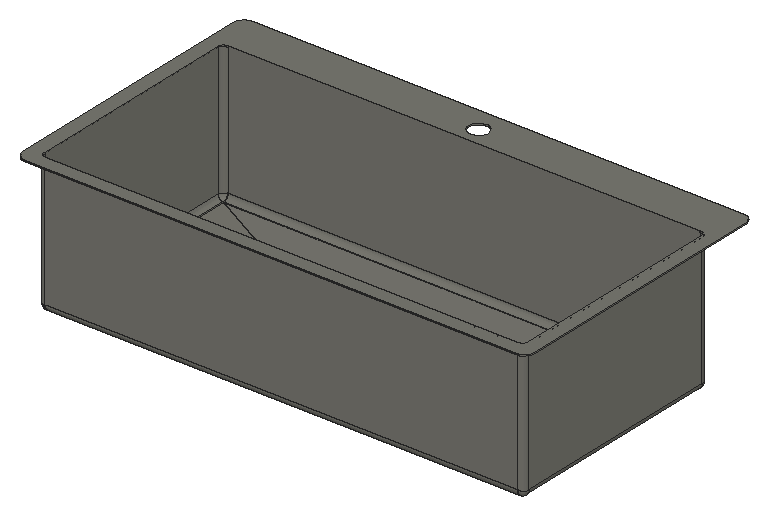
Revit family "BUILDMAT-SNGMTL017-Mila-900-Tap-Landing-Gunmetal", category Plumbing Fixtures, host Face, Revit 2026
Family settings
  Host = Face
  Round Connector Dimension = Use Diameter
  Part Type = Normal
  Enable Cutting in Views = No
  Cut with Voids When Loaded = No
  Maintain Annotation Orientation = No
  Shared = No
  Room Calculation Point = No
Parameters (values of type "Mila 900x500x250mm Brushed Gunmetal")
  Width = 850.0 mm
  Undermount [instance] = 0.0 mm
  URL = "https://www.buildmat.com.au/products/mila-900-single-bowl-tap-landing-sink"
  Model = "TLAN017"  # constant formula
  Manufacturer URL = "https://www.buildmat.com.au/"
  Manufacturer = "BUILDMAT"  # constant formula
  Length = 400.0 mm
  Description = "BUILDMAT - Mila 900x500 Single Bowl with Tap Landing Sink"  # constant formula
  Depth = 250.0 mm
  Default Elevation = 1219.2 mm
  Created By URL = "https://www.buildmat.com.au/"
  Created By = "BUILDMAT"  # constant formula
  Created = "22.06.2022"  # constant formula
  Material = BUILDMAT Gunmetal
Reference planes
  plane 1 "Center (Front/Back)": y = 0
  plane 2: z = 0
  plane 3 "Center (Left/Right)": x = 0
  plane 4 "Top Substrate": z = 0
  plane 5 "Left": x = -425
  plane 6 "Right": x = 425
  plane 7 "Back": y = 200
  plane 8 "Front": y = -200
  plane 9: x = -450
  plane 10: x = 450
  plane 11: y = -225
  plane 12: y = 275
  plane 13 "Bottom Void": z = -250
  plane 14: z = 1.5
  plane 15: x = -426.5
  plane 16: y = -201.5
  plane 17: x = 426.5
  plane 18: y = 201.5
  plane 19: z = -240
  plane 20: z = -230
  plane 21: x = -415
  plane 22: x = 415
  plane 23: y = -190
  plane 24: y = 190
  plane 25: z = -245
  plane 26: z = -241.5
  plane 27: z = -246.5
  plane 28: x = -100
  plane 29: x = 100
  plane 30 "Sound Pad": z = -130
  plane 31 "Front Bracket": y = -100
  plane 32 "Back Bracket": y = 100
  plane 33: x = -325
  plane 34: x = 325
  plane 35: x = -57
  plane 36: x = 57
  plane 37: x = -45
  plane 38: x = 45
  plane 39: y = 232
  plane 40: y = 251.5
  plane 41: x = -438.2
  plane 42: z = -15
  plane 43: x = 438.2
  plane 44: x = -436.7
  plane 45: x = 436.7
Forms (mm)
  Extrusion 1, void
    sketch origin (0, 0, 0) x (1, 0, 0) y (0, 1, 0)
      loop
        arc (-415, 200) -> (-422.071, 197.071) -> (-425, 190) r 10
        line (-425, 190) -> (-425, -190)
        arc (-425, -190) -> (-422.071, -197.071) -> (-415, -200) r 10
        line (-415, -200) -> (415, -200)
        arc (415, -200) -> (422.071, -197.071) -> (425, -190) r 10
        line (425, -190) -> (425, 190)
        arc (425, 190) -> (422.071, 197.071) -> (415, 200) r 10
        line (415, 200) -> (-415, 200)
    from 0 to 1.5
  Extrusion 2, void
    sketch origin (0, 0, 0) x (1, 0, 0) y (0, 1, 0)
      loop
        line (-426.5, 201.5) -> (-426.5, -201.5) -> (426.5, -201.5) -> (426.5, 201.5) -> (-426.5, 201.5)
    from 0 to -250
  Extrusion 3, void
    sketch origin (0, 0, 0) x (1, 0, 0) y (0, 1, 0)
      loop
        arc (-430, 275) -> (-444.142, 269.142) -> (-450, 255) r 20
        line (-450, 255) -> (-450, -205)
        arc (-450, -205) -> (-444.142, -219.142) -> (-430, -225) r 20
        line (-430, -225) -> (430, -225)
        arc (430, -225) -> (444.142, -219.142) -> (450, -205) r 20
        line (450, -205) -> (450, 255)
        arc (450, 255) -> (444.142, 269.142) -> (430, 275) r 20
        line (430, 275) -> (-430, 275)
    from 1.5 to 0
  Extrusion 4, solid, material "BUILDMAT Gunmetal" <- "Material"
    sketch origin (0, 0, 0) x (-1, 0, 0) y (0, -1, 0)
      loop
        arc (430, -275) -> (444.142, -269.142) -> (450, -255) r 20
        line (450, -255) -> (450, 205)
        arc (450, 205) -> (444.142, 219.142) -> (430, 225) r 20
        line (430, 225) -> (-430, 225)
        arc (-430, 225) -> (-444.142, 219.142) -> (-450, 205) r 20
        line (-450, 205) -> (-450, -255)
        arc (-450, -255) -> (-444.142, -269.142) -> (-430, -275) r 20
        line (-430, -275) -> (430, -275)
      loop
        arc (415, -200) -> (422.071, -197.071) -> (425, -190) r 10
        line (425, -190) -> (425, 190)
        arc (425, 190) -> (422.071, 197.071) -> (415, 200) r 10
        line (415, 200) -> (-415, 200)
        arc (-415, 200) -> (-422.071, 197.071) -> (-425, 190) r 10
        line (-425, 190) -> (-425, -190)
        arc (-425, -190) -> (-422.071, -197.071) -> (-415, -200) r 10
        line (-415, -200) -> (415, -200)
    from 0 to 1.5
  Extrusion 5, solid, material "BUILDMAT Gunmetal" <- "Material"
    sketch origin (0, 0, 0) x (-1, 0, 0) y (0, -1, 0)
      loop
        arc (415, -201.5) -> (423.132, -198.132) -> (426.5, -190) r 11.5
        line (426.5, -190) -> (426.5, 190)
        arc (426.5, 190) -> (423.132, 198.132) -> (415, 201.5) r 11.5
        line (415, 201.5) -> (-415, 201.5)
        arc (-415, 201.5) -> (-423.132, 198.132) -> (-426.5, 190) r 11.5
        line (-426.5, 190) -> (-426.5, -190)
        arc (-426.5, -190) -> (-423.132, -198.132) -> (-415, -201.5) r 11.5
        line (-415, -201.5) -> (415, -201.5)
      loop
        arc (-415, 200) -> (-422.071, 197.071) -> (-425, 190) r 10
        line (-425, 190) -> (-425, -190)
        arc (-425, -190) -> (-422.071, -197.071) -> (-415, -200) r 10
        line (-415, -200) -> (415, -200)
        arc (415, -200) -> (422.071, -197.071) -> (425, -190) r 10
        line (425, -190) -> (425, 190)
        arc (425, 190) -> (422.071, 197.071) -> (415, 200) r 10
        line (415, 200) -> (-415, 200)
    from 0 to -230
  Revolve 6, solid, material "BUILDMAT Gunmetal" <- "Material"
    sketch origin (-175.162, 190, 1219.2) x (-1, 0, 0) y (0, 0, 1)
      loop
        line (-600.162, -1449.2) -> (-601.662, -1449.2)
        arc (-601.662, -1449.2) -> (-598.293, -1457.332) -> (-590.162, -1460.7) r 11.5
        line (-590.162, -1460.7) -> (-590.162, -1459.2)
        arc (-590.162, -1459.2) -> (-597.233, -1456.271) -> (-600.162, -1449.2) r 10
      axis (-590.162, -1460.7) -> (-590.162, -1449.2)
    angle from 0 to -90
  Revolve 7, solid, material "BUILDMAT Gunmetal" <- "Material"
    sketch origin (-175.162, 190, 1219.2) x (-1, 0, 0) y (0, 0, 1)
      loop
        arc (249.838, -1449.2) -> (246.909, -1456.271) -> (239.838, -1459.2) r 10
        line (239.838, -1459.2) -> (239.838, -1460.7)
        arc (239.838, -1460.7) -> (247.97, -1457.332) -> (251.338, -1449.2) r 11.5
        line (251.338, -1449.2) -> (249.838, -1449.2)
      axis (239.838, -1449.2) -> (239.838, -1460.7)
    angle from 0 to -90
  Revolve 8, solid, material "BUILDMAT Gunmetal" <- "Material"
    sketch origin (-175.162, -190, 1219.2) x (-1, 0, 0) y (0, 0, 1)
      loop
        arc (249.838, -1449.2) -> (246.909, -1456.271) -> (239.838, -1459.2) r 10
        line (239.838, -1459.2) -> (239.838, -1460.7)
        arc (239.838, -1460.7) -> (247.97, -1457.332) -> (251.338, -1449.2) r 11.5
        line (251.338, -1449.2) -> (249.838, -1449.2)
      axis (239.838, -1449.2) -> (239.838, -1460.7)
    angle from 0 to 90
  Revolve 9, solid, material "BUILDMAT Gunmetal" <- "Material"
    sketch origin (-175.162, -190, 1219.2) x (-1, 0, 0) y (0, 0, 1)
      loop
        line (-600.162, -1449.2) -> (-601.662, -1449.2)
        arc (-601.662, -1449.2) -> (-598.293, -1457.332) -> (-590.162, -1460.7) r 11.5
        line (-590.162, -1460.7) -> (-590.162, -1459.2)
        arc (-590.162, -1459.2) -> (-597.233, -1456.271) -> (-600.162, -1449.2) r 10
      axis (-590.162, -1449.2) -> (-590.162, -1460.7)
    angle from 0 to 90
  Extrusion 10, solid, material "BUILDMAT Gunmetal" <- "Material"
    sketch origin (0, 0, 0) x (1, 0, 0) y (0, 0, 1)
      loop
        line (-425, -230) -> (-426.5, -230)
        arc (-426.5, -230) -> (-423.132, -238.132) -> (-415, -241.5) r 11.5
        line (-415, -241.5) -> (-415, -240)
        arc (-415, -240) -> (-422.071, -237.071) -> (-425, -230) r 10
    from -190 to 190
  Extrusion 11, solid, material "BUILDMAT Gunmetal" <- "Material"
    sketch origin (0, 0, 0) x (1, 0, 0) y (0, 0, 1)
      loop
        arc (425, -230) -> (422.071, -237.071) -> (415, -240) r 10
        line (415, -240) -> (415, -241.5)
        arc (415, -241.5) -> (423.132, -238.132) -> (426.5, -230) r 11.5
        line (426.5, -230) -> (425, -230)
    from -190 to 190
  Extrusion 12, solid, material "BUILDMAT Gunmetal" <- "Material"
    sketch origin (0, 0, 0) x (0, 1, 0) y (0, 0, 1)
      loop
        arc (200, -230) -> (197.071, -237.071) -> (190, -240) r 10
        line (190, -240) -> (190, -241.5)
        arc (190, -241.5) -> (198.132, -238.132) -> (201.5, -230) r 11.5
        line (201.5, -230) -> (200, -230)
    from -415 to 415
  Extrusion 13, solid, material "BUILDMAT Gunmetal" <- "Material"
    sketch origin (0, 0, 0) x (0, 1, 0) y (0, 0, 1)
      loop
        line (-200, -230) -> (-201.5, -230)
        arc (-201.5, -230) -> (-198.132, -238.132) -> (-190, -241.5) r 11.5
        line (-190, -241.5) -> (-190, -240)
        arc (-190, -240) -> (-197.071, -237.071) -> (-200, -230) r 10
    from -415 to 415
  Revolve 14, solid, material "BUILDMAT Gunmetal" <- "Material"
    sketch origin (0, 0, 0) x (1, 0, 0) y (0, 0, 1)
      loop
        line (-45, -250) -> (-45, -248.5)
        spline (-45, -248.5) -> (-46.484, -248.459) -> (-47.939, -248.339) -> (-49.337, -248.141) -> (-50.649, -247.871) -> (-51.848, -247.537) -> (-52.908, -247.151) -> (-53.805, -246.726) -> (-54.514, -246.283) -> (-55.023, -245.856) -> (-55.329, -245.483) -> (-55.468, -245.202) -> (-55.5, -245)
        line (-55.5, -245) -> (-57, -245)
        spline (-57, -245) -> (-56.897, -245.653) -> (-56.591, -246.294) -> (-56.087, -246.913) -> (-55.392, -247.5) -> (-54.52, -248.044) -> (-53.485, -248.536) -> (-52.305, -248.967) -> (-51, -249.33) -> (-49.592, -249.619) -> (-48.106, -249.83) -> (-46.566, -249.957) -> (-45, -250)
      axis (0, -245) -> (0, -250)
    angle from 0 to 360
  Blend 15, solid, material "BUILDMAT Gunmetal" <- "Material"
    base sketch origin (0, 0, 0) x (-1, 0, 0) y (0, -1, 0)
      loop
        circle (0, 0) r 57
    top sketch origin (0, 0, 0) x (-1, 0, 0) y (0, -1, 0)
      loop
        line (415, -190) -> (415, 190) -> (-415, 190) -> (-415, -190) -> (415, -190)
    from -246.5 to -241.5
  Blend 16, void
    base sketch origin (0, 0, 0) x (-1, 0, 0) y (0, -1, 0)
      loop
        circle (0, 0) r 57
    top sketch origin (0, 0, 0) x (-1, 0, 0) y (0, -1, 0)
      loop
        line (415, -190) -> (415, 190) -> (-415, 190) -> (-415, -190) -> (415, -190)
    from -245 to -240
  Extrusion 17, solid, material "BUILDMAT Gunmetal" <- "Material"
    sketch origin (0, 0, 0) x (-1, 0, 0) y (0, -1, 0)
      loop
        line (415, -190) -> (415, 190) -> (-415, 190) -> (-415, -190) -> (415, -190)
    from -241.5 to -240
  Extrusion 18, void
    sketch origin (0, 0, 0) x (-1, 0, 0) y (0, -1, 0)
      loop
        circle (0, 0) r 57
    from -250 to -230
  Extrusion 19, void
    sketch origin (0, 0, 0) x (-1, 0, 0) y (0, -1, 0)
      loop
        circle (0, -232) r 17.5
    from 0 to 100
Cuts and joins
  Extrusion 19 cuts Extrusion 4
  Extrusion 19 cuts Extrusion 5
  joined: Extrusion 4, Extrusion 5
  joined: Revolve 6, Revolve 9
  joined: Revolve 7, Revolve 8
  Blend 16, Extrusion 18 cuts Blend 15
  Blend 16, Extrusion 18 cuts Extrusion 17
  joined: Blend 15, Extrusion 17
Lines and regions (mm)
  Masking region 1
    outline origin (0, 0, 0) x (1, 0, 0) y (0, 0, 1)
      loop
        line (425, 0) -> (-425, 0) -> (-425, -230)
        arc (-425, -230) -> (-422.071, -237.071) -> (-415, -240) r 10
        line (-415, -240) -> (-57, -245) -> (57, -245) -> (415, -240)
        arc (415, -240) -> (422.071, -237.071) -> (425, -230) r 10
        line (425, -230) -> (425, 0)
  Masking region 2
    outline origin (0, 0, 0) x (1, 0, 0) y (0, 0, 1)
      loop
        line (-100, -245.899) -> (-100, -250) -> (-57, -250) -> (-57, -246.5) -> (-100, -245.899)
  Masking region 3
    outline origin (0, 0, 0) x (1, 0, 0) y (0, 0, 1)
      loop
        line (57, -246.5) -> (57, -250) -> (100, -250) -> (100, -245.899) -> (57, -246.5)
  Masking region 4
    outline origin (0, 0, 0) x (1, 0, 0) y (0, 0, 1)
      loop
        line (-438.2, 0) -> (-438.2, -15) -> (-436.7, -15) -> (-436.7, 0) -> (-438.2, 0)
  Masking region 5
    outline origin (0, 0, 0) x (1, 0, 0) y (0, 0, 1)
      loop
        line (436.7, 0) -> (436.7, -15) -> (438.2, -15) -> (438.2, 0) -> (436.7, 0)
Text (mm)
  text "Refer to www.buildmat.com.au for the most current product literature. \nAllow a +/- 5mm tolerance for dimensions shown in the product literature. \nPlease note product details are subject to change due to ongoing product development." at (0.056, -1035.857, 0), in view "Ref. Level"
Dimensions and locks
  "Undermount": plane 2 to plane 4 "Top Substrate"
  equal spacing: plane 5 "Left", plane 3 "Center (Left/Right)", plane 6 "Right"
  "Width": plane 5 "Left" to plane 6 "Right"
  "Length": plane 7 "Back" to plane 8 "Front"
  equal spacing: plane 7 "Back", plane 1 "Center (Front/Back)", plane 8 "Front"
  locked: plane 12 to plane 7 "Back" at 75
  locked: plane 8 "Front" to plane 11 at 25
  locked: plane 9 to plane 5 "Left" at 25
  locked: plane 6 "Right" to plane 10 at 25
  "Depth": plane 4 "Top Substrate" to plane 13 "Bottom Void"
  locked: plane 14 to plane 4 "Top Substrate" at 1.5
  locked: plane 18 to plane 7 "Back" at 1.5
  locked: plane 8 "Front" to plane 16 at 1.5
  plane 15 to plane 5 "Left" = 1.5 mm
  plane 6 "Right" to plane 17 = 1.5 mm
  plane 20 to plane 19 to plane 13 "Bottom Void" = 10.0 mm, 10.0 mm
  locked: plane 5 "Left" to plane 21 at 10
  locked: plane 22 to plane 6 "Right" at 10
  locked: plane 7 "Back" to plane 24 at 10
  locked: plane 23 to plane 8 "Front" at 10
  locked: plane 19 to plane 26 at 1.5
  locked: plane 25 to plane 13 "Bottom Void" at 5
  locked: plane 25 to plane 27 at 1.5
  plane 29 to plane 3 "Center (Left/Right)" to plane 28 = 100.0 mm locked, 100.0 mm locked
  locked: plane 30 "Sound Pad" to plane 13 "Bottom Void" at 120
  locked: plane 7 "Back" to plane 32 "Back Bracket" at 100
  locked: plane 31 "Front Bracket" to plane 8 "Front" at 100
  locked: plane 33 to plane 5 "Left" at 100
  locked: plane 6 "Right" to plane 34 at 100
  plane 37 to plane 3 "Center (Left/Right)" to plane 38 = 45.0 mm locked, 45.0 mm locked
  plane 35 to plane 3 "Center (Left/Right)" to plane 36 = 57.0 mm locked, 57.0 mm locked
  locked: plane 12 to plane 39 at 43
  locked: plane 40 to plane 18 at 50
  plane 44 to plane 41 to plane 9 = 1.5 mm locked, 11.8 mm locked
  plane 10 to plane 43 to plane 45 = 11.8 mm locked, 1.5 mm locked
  locked: plane 4 "Top Substrate" to plane 42 at 15
  aligned and locked: plane 2 to host face
  aligned and locked: level to host face
  aligned and locked: plane 8 "Front" to Extrusion 1 sketch curve
  aligned and locked: Extrusion 1 sketch curve to plane 7 "Back"
  aligned and locked: plane 5 "Left" to Extrusion 1 sketch curve
  aligned and locked: Extrusion 1 sketch curve to plane 6 "Right"
  aligned and locked: plane 2 to Extrusion 1
  aligned and locked: plane 14 to Extrusion 1
  aligned and locked: Extrusion 2 sketch curve to plane 16
  aligned and locked: Extrusion 2 sketch curve to plane 18
  aligned and locked: plane 15 to Extrusion 2 sketch curve
  aligned and locked: plane 17 to Extrusion 2 sketch curve
  aligned and locked: Extrusion 2 to plane 13 "Bottom Void"
  aligned and locked: plane 4 "Top Substrate" to Extrusion 2
  aligned and locked: Extrusion 3 sketch curve to plane 11
  aligned and locked: plane 9 to Extrusion 3 sketch curve
  aligned and locked: Extrusion 3 sketch curve to plane 10
  aligned and locked: Extrusion 3 sketch curve to plane 12
  aligned and locked: Extrusion 3 to plane 4 "Top Substrate"
  aligned and locked: Extrusion 3 to plane 14
  aligned and locked: Extrusion 4 sketch curve to plane 11
  aligned and locked: Extrusion 4 sketch curve to plane 12
  aligned and locked: plane 9 to Extrusion 4 sketch curve
  aligned and locked: Extrusion 4 sketch curve to plane 10
  aligned and locked: plane 5 "Left" to Extrusion 4 sketch curve
  aligned and locked: Extrusion 4 sketch curve to plane 6 "Right"
  aligned and locked: Extrusion 4 sketch curve to plane 7 "Back"
  aligned and locked: plane 8 "Front" to Extrusion 4 sketch curve
  aligned and locked: Extrusion 5 sketch curve to plane 7 "Back"
  aligned and locked: plane 5 "Left" to Extrusion 5 sketch curve
  aligned and locked: Extrusion 5 sketch curve to plane 6 "Right"
  aligned and locked: plane 8 "Front" to Extrusion 5 sketch curve
  aligned and locked: plane 15 to Extrusion 5 sketch curve
  aligned and locked: Extrusion 5 sketch curve to plane 16
  aligned and locked: plane 17 to Extrusion 5 sketch curve
  aligned and locked: Extrusion 5 sketch curve to plane 18
  aligned and locked: Extrusion 5 to plane 20
  aligned and locked: plane 4 "Top Substrate" to Extrusion 5
  aligned and locked: Extrusion 11 to plane 23
  aligned and locked: plane 24 to Extrusion 11
  aligned and locked: plane 24 to Extrusion 10
  aligned and locked: Extrusion 10 to plane 23
  aligned and locked: Extrusion 13 to plane 21
  aligned and locked: plane 22 to Extrusion 13
  aligned and locked: plane 22 to Extrusion 12
  aligned and locked: Extrusion 12 to plane 21
  aligned and locked: plane 21 to Blend 15 sketch curve
  aligned and locked: Blend 15 sketch curve to plane 22
  aligned and locked: Blend 15 sketch curve to plane 23
  aligned and locked: Blend 15 sketch curve to plane 24
  aligned and locked: plane 27 to Blend 15
  aligned and locked: Blend 15 to plane 26
  aligned and locked: Blend 16 sketch curve to plane 24
  aligned and locked: plane 21 to Blend 16 sketch curve
  aligned and locked: Blend 16 sketch curve to plane 22
  aligned and locked: Blend 16 sketch curve to plane 23
  aligned and locked: Blend 16 to plane 25
  aligned and locked: Blend 16 to plane 19
  aligned and locked: Extrusion 17 sketch curve to plane 24
  aligned and locked: Extrusion 17 sketch curve to plane 23
  aligned and locked: plane 21 to Extrusion 17 sketch curve
  aligned and locked: Extrusion 17 sketch curve to plane 22
  aligned and locked: Extrusion 17 to plane 26
  aligned and locked: Extrusion 17 to plane 19
  aligned and locked: Extrusion 18 to plane 13 "Bottom Void"
  aligned and locked: plane 20 to Extrusion 18
  aligned and locked: cut or joined group of Blend 15, Blend 16, Extrusion 17, Extrusion 18 to Masking region 2 sketch curve
  aligned and locked: Masking region 3 sketch curve to cut or joined group of Blend 15, Blend 16, Extrusion 17, Extrusion 18
  aligned and locked: plane 3 "Center (Left/Right)" to nested 1
  aligned and locked: nested 1 to plane 30 "Sound Pad"
  aligned and locked: plane 31 "Front Bracket" to nested 3
  aligned and locked: plane 15 to nested 3
  aligned and locked: plane 31 "Front Bracket" to nested 5
  aligned and locked: plane 17 to nested 5
  aligned and locked: plane 32 "Back Bracket" to nested 4
  aligned and locked: plane 17 to nested 4
  aligned and locked: plane 32 "Back Bracket" to nested 2
  aligned and locked: plane 15 to nested 2
  aligned and locked: nested 6 to plane 4 "Top Substrate"
  aligned and locked: nested 6 to plane 33
  aligned and locked: nested 7 to plane 4 "Top Substrate"
  aligned and locked: nested 7 to plane 34
  aligned and locked: nested 10 to plane 33
  aligned and locked: nested 11 to plane 34
  aligned and locked: plane 16 to nested 10
  aligned and locked: nested 11 to plane 16
  aligned and locked: plane 33 to nested 8
  aligned and locked: plane 34 to nested 9
  aligned and locked: nested 12 to plane 23
  aligned and locked: nested 12 to plane 24
  aligned and locked: plane 22 to nested 12
  aligned and locked: plane 21 to nested 12
  aligned and locked: plane 3 "Center (Left/Right)" to nested 13
  aligned and locked: plane 1 "Center (Front/Back)" to nested 13
  aligned and locked: plane 4 "Top Substrate" to Masking region 1
  aligned and locked: plane 40 to nested 9
  aligned and locked: nested 8 to plane 40
  aligned and locked: Extrusion 19 to plane 4 "Top Substrate"
  aligned and locked: Masking region 4 sketch curve to plane 4 "Top Substrate"
  aligned and locked: Masking region 4 sketch curve to plane 42
  aligned and locked: Masking region 4 sketch curve to plane 41
  aligned and locked: Masking region 4 sketch curve to plane 44
  aligned and locked: Masking region 5 sketch curve to plane 4 "Top Substrate"
  aligned and locked: plane 42 to Masking region 5 sketch curve
  aligned and locked: Masking region 5 sketch curve to plane 43
  aligned and locked: Masking region 5 sketch curve to plane 45
Automatic sketch dimensions
  host sketch curve to host sketch curve = 2438.4 mm  (x2)
  plane 5 "Left" to Extrusion 1 sketch curve = 10.0 mm  (x2)
  Extrusion 1 sketch curve to plane 6 "Right" = 10.0 mm  (x2)
  Extrusion 4 sketch curve to plane 10 = 20.0 mm  (x2)
  Extrusion 4 sketch curve to Extrusion 4 sketch curve = 10.0 mm  (x2)
  plane 5 "Left" to Extrusion 4 sketch curve = 10.0 mm
  plane 9 to Extrusion 4 sketch curve = 20.0 mm
  plane 8 "Front" to Extrusion 4 sketch curve = 10.0 mm
  plane 11 to Extrusion 4 sketch curve = 20.0 mm
  Extrusion 3 sketch curve to plane 5 "Left" = 5.0 mm
  plane 6 "Right" to Extrusion 3 sketch curve = 5.0 mm  (x2)
  plane 7 "Back" to Extrusion 3 sketch curve = 55.0 mm
  plane 5 "Left" to Extrusion 5 sketch curve = 10.0 mm
  Extrusion 5 sketch curve to plane 6 "Right" = 10.0 mm
  plane 8 "Front" to Extrusion 5 sketch curve = 10.0 mm
  Extrusion 5 sketch curve to plane 7 "Back" = 10.0 mm
  Extrusion 5 sketch curve to Extrusion 5 sketch curve = 0.0 mm  (x4)
  Revolve 6 sketch curve to Revolve 6 sketch curve = 0.0 mm  (x3)
  plane 17 to Revolve 6 sketch curve = 0.0 mm
  Revolve 6 sketch curve to plane 6 "Right" = 0.0 mm
  Revolve 6 sketch curve to plane 22 = 0.0 mm  (x2)
  Revolve 6 sketch curve to plane 19 = 0.0 mm
  Revolve 6 sketch curve to plane 20 = 0.0 mm
  Revolve 7 sketch curve to Revolve 7 sketch curve = 0.0 mm  (x3)
  Revolve 7 sketch curve to plane 20 = 0.0 mm  (x2)
  Revolve 7 sketch curve to plane 21 = 0.0 mm  (x2)
  Revolve 7 sketch curve to plane 5 "Left" = 0.0 mm
  Revolve 7 sketch curve to plane 15 = 0.0 mm
  Revolve 8 sketch curve to Revolve 8 sketch curve = 0.0 mm  (x3)
  Revolve 8 sketch curve to plane 20 = 0.0 mm  (x2)
  Revolve 8 sketch curve to plane 21 = 0.0 mm  (x2)
  Revolve 8 sketch curve to plane 5 "Left" = 0.0 mm
  Revolve 8 sketch curve to plane 15 = 0.0 mm
  Revolve 9 sketch curve to Revolve 9 sketch curve = 0.0 mm  (x3)
  plane 17 to Revolve 9 sketch curve = 0.0 mm
  Revolve 9 sketch curve to plane 6 "Right" = 0.0 mm
  Revolve 9 sketch curve to plane 22 = 0.0 mm  (x2)
  Revolve 9 sketch curve to plane 20 = 0.0 mm
  Revolve 9 sketch curve to plane 19 = 0.0 mm
  Extrusion 10 sketch curve to plane 15 = 0.0 mm
  Extrusion 10 sketch curve to plane 5 "Left" = 0.0 mm
  Extrusion 10 sketch curve to plane 19 = 0.0 mm
  Extrusion 10 sketch curve to plane 21 = 0.0 mm
  Extrusion 11 sketch curve to plane 20 = 0.0 mm
  Extrusion 11 sketch curve to plane 22 = 0.0 mm
  Extrusion 11 sketch curve to plane 6 "Right" = 0.0 mm
  plane 17 to Extrusion 11 sketch curve = 0.0 mm
  Extrusion 12 sketch curve to plane 20 = 0.0 mm
  Extrusion 12 sketch curve to plane 24 = 0.0 mm
  Extrusion 12 sketch curve to plane 7 "Back" = 0.0 mm
  Extrusion 12 sketch curve to plane 18 = 0.0 mm
  Extrusion 13 sketch curve to plane 16 = 0.0 mm
  Extrusion 13 sketch curve to plane 8 "Front" = 0.0 mm
  Extrusion 13 sketch curve to plane 23 = 0.0 mm
  Extrusion 13 sketch curve to plane 19 = 0.0 mm
  Revolve 14 sketch curve to plane 25 = 0.0 mm
  Revolve 14 sketch curve to plane 13 "Bottom Void" = 0.0 mm  (x2)
  Revolve 14 sketch curve to plane 3 "Center (Left/Right)" = 0.0 mm
  Revolve 14 sketch curve to plane 20 = 0.0 mm
  Revolve 14 sketch curve to plane 3 "Center (Left/Right)" = 45.0 mm
  Revolve 14 sketch curve to Revolve 14 sketch curve = 10.5 mm
  Revolve 14 sketch curve to Revolve 14 sketch curve = 1.5 mm  (x2)
  Revolve 14 sketch curve to Revolve 14 sketch curve = 0.0 mm
  plane 1 "Center (Front/Back)" to Blend 15 sketch curve = 0.0 mm
  Blend 15 sketch curve to plane 3 "Center (Left/Right)" = 0.0 mm
  plane 1 "Center (Front/Back)" to Blend 16 sketch curve = 0.0 mm
  Blend 16 sketch curve to plane 3 "Center (Left/Right)" = 0.0 mm
  plane 1 "Center (Front/Back)" to Extrusion 18 sketch curve = 0.0 mm
  Extrusion 18 sketch curve to plane 3 "Center (Left/Right)" = 0.0 mm
  Masking region 1 sketch curve to level = 0.0 mm
  Masking region 1 sketch curve to plane 20 = 0.0 mm
  Masking region 1 sketch curve to plane 21 = 0.0 mm
  Masking region 1 sketch curve to plane 25 = 0.0 mm
  Masking region 1 sketch curve to plane 3 "Center (Left/Right)" = 57.0 mm
  plane 3 "Center (Left/Right)" to Masking region 1 sketch curve = 57.0 mm
  Masking region 1 sketch curve to plane 19 = 0.0 mm
  Masking region 1 sketch curve to plane 22 = 0.0 mm
  Masking region 1 sketch curve to plane 6 "Right" = 0.0 mm
  Masking region 1 sketch curve to plane 5 "Left" = 0.0 mm
  Masking region 2 sketch curve to plane 28 = 0.0 mm
  Masking region 2 sketch curve to plane 13 "Bottom Void" = 0.0 mm
  Masking region 2 sketch curve to plane 27 = 0.0 mm
  Masking region 3 sketch curve to plane 27 = 0.0 mm
  Masking region 3 sketch curve to plane 13 "Bottom Void" = 0.0 mm
  Masking region 3 sketch curve to plane 29 = 0.0 mm
  Extrusion 19 sketch curve to plane 3 "Center (Left/Right)" = 0.0 mm
  Extrusion 19 sketch curve to plane 39 = 0.0 mm
  radius of Blend 15 sketch curve = 57.0 mm
  radius of Blend 16 sketch curve = 57.0 mm
  radius of Extrusion 18 sketch curve = 57.0 mm
  radius of Extrusion 19 sketch curve = 17.5 mm
Nested families
  nested 1: "SP_Front" at (0, 0, -130) x (1, 0, 0) z (0, -1, 0), type "SP_Front", not visible
  nested 2: "TMB_Plan" at (-426.5, 100, 0) x (0, 1, 0) z (0, 0, 1), type "TMB_Plan"
  nested 3: "TMB_Plan" at (-426.5, -100, 0) x (0, 1, 0) z (0, 0, 1), type "TMB_Plan"
  nested 4: "TMB_Plan" at (426.5, 100, 0) x (0, -1, 0) z (0, 0, 1), type "TMB_Plan"
  nested 5: "TMB_Plan" at (426.5, -100, 0) x (0, -1, 0) z (0, 0, 1), type "TMB_Plan"
  nested 6: "TMB_Front" at (-325, 0, 0) x (1, 0, 0) z (0, -1, 0), type "TMB_Front"
  nested 7: "TMB_Front" at (325, 0, 0) x (1, 0, 0) z (0, -1, 0), type "TMB_Front"
  nested 8: "TMB_Plan" at (-325, 251.5, 0), type "TMB_Plan"
  nested 9: "TMB_Plan" at (325, 251.5, 0), type "TMB_Plan"
  nested 10: "TMB_Plan" at (-325, -201.5, 0) x (-1, 0, 0) z (0, 0, 1), type "TMB_Plan"
  nested 11: "TMB_Plan" at (325, -201.5, 0) x (-1, 0, 0) z (0, 0, 1), type "TMB_Plan"
  nested 12: "BOWL Plan" at (0, 0, -130), type "BOWL Plan"
    with Width 830.0 mm, Lenght 380.0 mm
  nested 13: "DRAIN" at (0, 0, 0), type "DRAIN"
Definition of nested family "SP_Front"
  Reference planes
    plane 1 "Center (Elevation)": y = 0
    plane 2: z = 0
    plane 3 "Center (Left/Right)": x = 0
  Lines and regions (mm)
    Masking region 1, in view "Ref. Level"
      outline origin (0, 0, 0) x (1, 0, 0) y (0, 1, 0)
        loop
          arc (-50, 40) -> (-57.071, 37.071) -> (-60, 30) r 10
          line (-60, 30) -> (-60, -30)
          arc (-60, -30) -> (-57.071, -37.071) -> (-50, -40) r 10
          line (-50, -40) -> (50, -40)
          arc (50, -40) -> (57.071, -37.071) -> (60, -30) r 10
          line (60, -30) -> (60, 30)
          arc (60, 30) -> (57.071, 37.071) -> (50, 40) r 10
          line (50, 40) -> (-50, 40)
    detail lines, in view "Ref. Level"
      curve 1: line (-50, 40, 0) -> (50, 40, 0)
      curve 2: line (50, -40, 0) -> (-50, -40, 0)
      curve 3: line (60, 30, 0) -> (60, -30, 0)
      curve 4: line (-60, 30, 0) -> (-60, -30, 0)
      curve 5: arc (-50, 40, 0) -> (-57.071, 37.071, 0) -> (-60, 30, 0) r 10
      curve 6: arc (-60, -30, 0) -> (-57.071, -37.071, 0) -> (-50, -40, 0) r 10
      curve 7: arc (50, -40, 0) -> (57.071, -37.071, 0) -> (60, -30, 0) r 10
      curve 8: arc (60, 30, 0) -> (57.071, 37.071, 0) -> (50, 40, 0) r 10
  Dimensions and locks
    aligned and locked: Masking region 1 sketch curve to curve 1
    aligned and locked: Masking region 1 sketch curve to curve 4
    aligned and locked: Masking region 1 sketch curve to curve 2
    aligned and locked: Masking region 1 sketch curve to curve 3
Definition of nested family "TMB_Plan"
  Reference planes
    plane 1 "Center (Front/Back)": y = 0
    plane 2: z = 0
    plane 3 "Center (Left/Right)": x = 0
  Lines and regions (mm)
    detail lines, in view "Ref. Level"
      curve 1: line (-17.5, 0, 0) -> (17.5, 0, 0)
      curve 2: line (17.5, 0, 0) -> (17.5, 5, 0)
      curve 3: line (17.5, 5, 0) -> (12.5, 5, 0)
      curve 4: line (-17.5, 0, 0) -> (-17.5, 5, 0)
      curve 5: line (-17.5, 5, 0) -> (-12.5, 5, 0)
Definition of nested family "TMB_Front"
  Reference planes
    plane 1 "Center (Elevation)": y = 0
    plane 2: z = 0
    plane 3 "Center (Left/Right)": x = 0
  Lines and regions (mm)
    Masking region 1, in view "Ref. Level"
      outline origin (0, 0, 0) x (1, 0, 0) y (0, 1, 0)
        loop
          line (-17.5, 0) -> (-17.5, -80) -> (17.5, -80) -> (17.5, 0) -> (-17.5, 0)
    detail lines, in view "Ref. Level"
      curve 1: line (-17.5, 0, 0) -> (-17.5, -80, 0)
      curve 2: line (-17.5, -80, 0) -> (17.5, -80, 0)
      curve 3: line (17.5, -80, 0) -> (17.5, 0, 0)
      curve 4: line (-12.5, -50, 0) -> (12.5, -50, 0)
      curve 5: line (-12.5, -75, 0) -> (-12.5, -50, 0)
      curve 6: line (12.5, -75, 0) -> (-12.5, -75, 0)
      curve 7: line (12.5, -50, 0) -> (12.5, -75, 0)
Definition of nested family "BOWL Plan"
  Parameters (values of type "BOWL Plan")
    Width [instance] = 600.0 mm
    Lenght [instance] = 400.0 mm
  Reference planes
    plane 1 "Center (Front/Back)": y = 0
    plane 2: z = 0
    plane 3 "Center (Left/Right)": x = 0
    plane 4 "Left": x = -300
    plane 5 "Right": x = 300
    plane 6 "Back": y = 200
    plane 7 "Front": y = -200
  Lines and regions (mm)
    Masking region 1, in view "Ref. Level"
      outline origin (0, 0, 0) x (1, 0, 0) y (0, 1, 0)
        loop
          line (-300, 200) -> (-300, -200) -> (300, -200) -> (300, 200) -> (-300, 200)
    detail lines, in view "Ref. Level"
      curve 1: line (-300, 200, 0) -> (300, -200, 0)
      curve 2: line (-300, -200, 0) -> (300, 200, 0)
  Dimensions and locks
    equal spacing: plane 6 "Back", plane 1 "Center (Front/Back)", plane 7 "Front"
    "Lenght": plane 6 "Back" to plane 7 "Front"
    equal spacing: plane 4 "Left", plane 3 "Center (Left/Right)", plane 5 "Right"
    "Width": plane 4 "Left" to plane 5 "Right"
    aligned and locked: plane 4 "Left" to Masking region 1 sketch curve
    aligned and locked: Masking region 1 sketch curve to plane 5 "Right"
    aligned and locked: plane 7 "Front" to Masking region 1 sketch curve
    aligned and locked: Masking region 1 sketch curve to plane 6 "Back"
  Automatic sketch dimensions
    curve 2 to plane 4 "Left" = 0.0 mm
    curve 1 to plane 4 "Left" = 0.0 mm
    curve 2 to plane 5 "Right" = 0.0 mm
    curve 1 to plane 5 "Right" = 0.0 mm
    curve 1 to plane 7 "Front" = 0.0 mm
    curve 2 to plane 7 "Front" = 0.0 mm
    curve 2 to plane 6 "Back" = 0.0 mm
    curve 1 to plane 6 "Back" = 0.0 mm
Definition of nested family "DRAIN"
  Reference planes
    plane 1 "Center (Front/Back)": y = 0
    plane 2: z = 0
    plane 3 "Center (Left/Right)": x = 0
  Lines and regions (mm)
    Masking region 1, in view "Ref. Level"
      outline origin (0, 0, 0) x (1, 0, 0) y (0, 1, 0)
        loop
          circle (0, 0) r 57
    detail lines, in view "Ref. Level"
      curve 1: circle (0, 0, 0) r 45 normal (0, 0, 1)
      curve 2: circle (0, 0, 0) r 55.5 normal (0, 0, 1)
